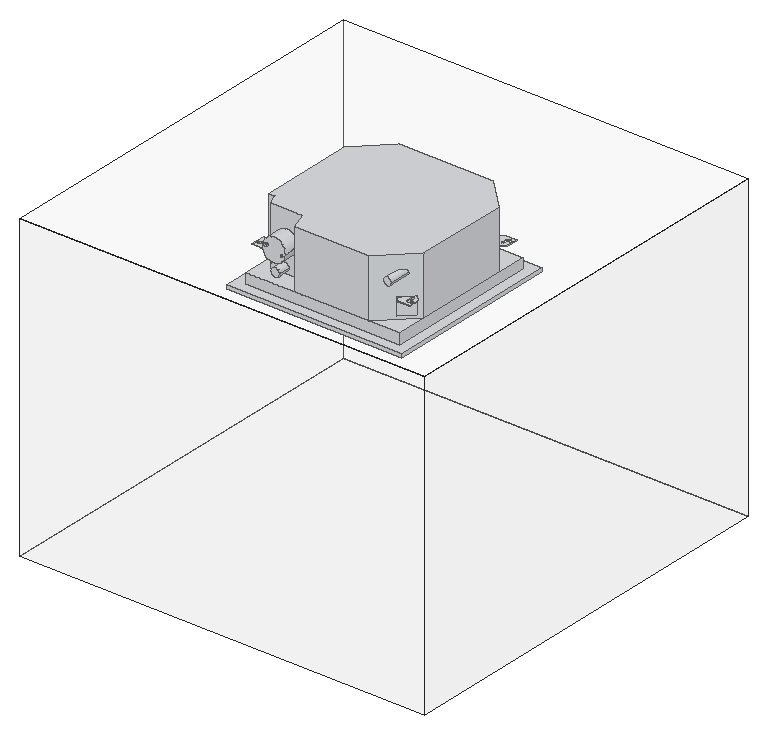
Revit family "pl-rp28_80ga4_60Hz", category 機械設備, Revit 2019
Family settings
  丸型コネクタ寸法 = 直径を使用
  パーツ タイプ = 標準
  OmniClass 番号 = 23.75.10.24.21.27.27
  OmniClass タイトル = Split System Air Conditioning Units
  作業面ベース = いいえ
  常に垂直 = はい
  ロード時にボイドで切り取り = いいえ
  共有 = いいえ
  部屋計算ポイント = はい
Parameters (values of type "天井4方向_PL-RP28GA4")
  風量（静）（m3／min） = 6.3
  風量（強）（m3／min） = 8.7
  風量（弱）（m3／min） = 7.1
  風量（中）（m3／min） = 7.8
  風量 = MAX風量  # 522.0 m³/h
  音響パワーレベル（弱）(dB) = 47
  音響パワーレベル（中2）(dB) = 48
  音響パワーレベル（中1）(dB) = 49
  音響パワーレベル(dB) = 50
  電源種別 = ""
  電源_H = 0 mm
  電圧_電気ヒーター = 0 V
  電圧 = 200 V
  電動機出力_送風機 = 0.05 kW
  運転質量 = 0.00 kg
  連動 = ""
  質量 = if(製品質量 > 運転質量, 製品質量, 運転質量) * 1.2  # 24.72 kg
  負荷分類 = 3_ファン類
  構成品番 = "PL-RP28GA"
  ドレン管径 (外径) = 32 mm
  ドレン管径 = 25 mm
  サービススペース = yes
  URL = "https://www.mitsubishielectric.co.jp/ldg/wink/ssl/displayProduct.do?pid=323647"
  説明 = "店舗・事務所用パッケージエアコン(Mr.SLIM) [本体]4方向天井カセット形<コンパクトタイプ>"
  設計暖房能力 = 0.00 kW
  設計冷房能力_顕熱 = 0 kW
  設計冷房能力 = 0 kW
  設置方法 = "カセット形"
  記号 = ""
  製造元 = "三菱電機株式会社"
  製品質量 = 20.60 kg
  製品出荷対象 = "国内"
  製品リリース年月 = "2022/10/11"
  製品グループ = ""
  系統 = ""
  符号 = "PAC-CK4"
  積算_科目 = "1 空気調和設備"
  積算_拾い区分 [instance] = ""
  相 = 1
  盤記号 = ""
  発停方法 = "付属スイッチ"
  特殊仕様 = ""
  火災停止 = ""
  消費電力_電気ヒーター = 0.00 kW
  消費電力_暖房 = 0.03 kW
  消費電力_加湿器 = 0.00 kW
  消費電力_冷房 = 0.03 kW
  消費電力 = if(消費電力_冷房 > 消費電力_暖房, 消費電力_冷房, 消費電力_暖房) + 消費電力_加湿器 + 消費電力_電気ヒーター  # 0.03 kW
  法定耐用年数 = "6"
  極数 = 1
  材質 = ""
  本体マテリアル = none
  有効加湿量 = 0
  暖房能力 = 2.80 kW
  推奨ブレーカー容量 = 0 A
  形式_加湿器 = ""
  形式 = "カセット形（4方向吹出形）"
  幹線記号 = ""
  始動方式 = "直入"
  呼称 = "パッケージ形空気調和機_室内機"
  周波数 = 60 Hz
  吊り位置Y = 507 mm
  吊り位置X = 640 mm
  吊りボルト_H = 134 mm
  台数_手元リモコン = ""
  台数_冷媒分岐ユニット = ""
  参照している仕様書等のバージョン = "公共建築工事標準仕様書（機械設備工事編）平成31年度版"
  加湿給水管径 = 0 mm
  分類コード = "50053003123030"
  分類グループ = ""
  冷房能力 = 2.5 kW
  冷媒高低圧ガス管径 = 0 mm
  冷媒管径符号 = "Ac"
  冷媒管径 = 100 mm
  冷媒液管高さ = 159 mm
  冷媒液管長さ = 71 mm
  冷媒液管径 = 6.4 mm
  冷媒ガス管高さ = 183 mm
  冷媒ガス管長さ = 76 mm
  冷媒ガス管径 = 12.7 mm
  企業コード = "108420"
  付属品_フィルター = ""
  付属品 = ""
  仕様書バージョン = "Version1.0"
  Model = ""
  パネルマテリアル = none
  ドレン管高さ = 227 mm
  コメント [instance] = ""
  ケーブル種類 = ""
  ケーブルサイズ = 0 mm
  Width = 670 mm
  Version = ""
  Uniclass2015Version = "Systems v1.9"
  Uniclass2015Title = "Split coil remote air cooled condensing units"
  Uniclass2015Code = "Pr_70_65_03_84"
  SpecificationReference = ""
  SpecificationDescription = ""
  Revision = ""
  ProductInformation = ""
  Panel Width = 760 mm
  Panel Height = 15 mm
  Panel Depth = 760 mm
  OmniClassCode = "23-33 17 13 11"
  MIN風量 = 風量（静）（m3／min） * 60.0 m³/h  # 378.0 m³/h
  MID風量2 = 風量（弱）（m3／min） * 60.0 m³/h  # 426.0 m³/h
  MID風量 = 風量（中）（m3／min） * 60.0 m³/h  # 468.0 m³/h
  MAX風量 = 風量（強）（m3／min） * 60.0 m³/h  # 522.0 m³/h
  IfcTypeProduct = ""
  IfcProduct = ""
  IfcExportType = "AIRCONDITIONINGUNIT"
  IfcExportAs = "IfcUnitaryEquipmentType"
  Height = 298 mm
  Depth = 670 mm
  価格 = 269000
  Clearance Top = 305 mm
  Clearance Right = 500 mm
  Clearance Left = 500 mm
  Clearance Front = 500 mm
  Clearance Bottom = 1000 mm
  Clearance Back = 500 mm
  Author = "三菱電機株式会社"
Types (8, lengths in mm): name | 風量（静）（m3／min） | 風量（強）（m3／min） | 風量（弱）（m3／min） | 風量（中）（m3／min） | 風量 | 音響パワーレベル（弱）(dB) | 音響パワーレベル（中2）(dB) | 音響パワーレベル（中1）(dB) | 音響パワーレベル(dB) | 構成品番 | URL | 消費電力_暖房 | 消費電力_冷房 | 消費電力 | 暖房能力 | 冷房能力 | 冷媒管径符号 | 冷媒液管長さ | 冷媒液管径 | 冷媒ガス管長さ | 冷媒ガス管径 | MIN風量 | MID風量2 | MID風量 | MAX風量 | 価格
  天井4方向_PL-RP28GA4 | 6.3 | 8.7 | 7.1 | 7.8 | 522.0 m³/h | 47 | 48 | 49 | 50 | "PL-RP28GA" | "https://www.mitsubishielectric.co.jp/ldg/wink/ssl/displayProduct.do?pid=323647" | 0.03 kW | 0.03 kW | 0.03 kW | 2.80 kW | 2.5 kW | "Ac" | 71 | 6.4 | 76 | 12.7 | 378.0 m³/h | 426.0 m³/h | 468.0 m³/h | 522.0 m³/h | 269000
  天井4方向_PL-RP40GA4 | 8.5 | 12 | 9 | 9.5 | 720.0 m³/h | 48 | 49 | 51 | 53 | "PL-RP40GA" | "https://www.mitsubishielectric.co.jp/ldg/wink/ssl/displayProduct.do?pid=323673" | 0.03 kW | 0.03 kW | 0.03 kW | 4.00 kW | 3.6 kW | "Ac" | 71 | 6.4 | 76 | 12.7 | 510.0 m³/h | 540.0 m³/h | 570.0 m³/h | 720.0 m³/h | 277000
  天井4方向_PL-RP50GA4 | 9.5 | 12.5 | 10 | 12 | 750.0 m³/h | 49 | 50 | 53 | 54 | "PL-RP50GA" | "https://www.mitsubishielectric.co.jp/ldg/wink/ssl/displayProduct.do?pid=323675" | 0.03 kW | 0.03 kW | 0.03 kW | 5.00 kW | 4.5 kW | "Ac" | 71 | 6.4 | 76 | 12.7 | 570.0 m³/h | 600.0 m³/h | 720.0 m³/h | 750.0 m³/h | 290000
  天井4方向_PL-RP45GA4 | 8.5 | 12 | 9 | 9.5 | 720.0 m³/h | 48 | 49 | 51 | 53 | "PL-RP45GA" | "https://www.mitsubishielectric.co.jp/ldg/wink/ssl/displayProduct.do?pid=323674" | 0.03 kW | 0.03 kW | 0.03 kW | 4.50 kW | 4 kW | "Ac" | 71 | 6.4 | 76 | 12.7 | 510.0 m³/h | 540.0 m³/h | 570.0 m³/h | 720.0 m³/h | 280000
  天井4方向_PL-RP56GA4 | 9.5 | 14 | 10 | 12.5 | 840.0 m³/h | 49 | 50 | 54 | 56 | "PL-RP56GA" | "https://www.mitsubishielectric.co.jp/ldg/wink/ssl/displayProduct.do?pid=323676" | 0.03 kW | 0.03 kW | 0.03 kW | 5.60 kW | 5 kW | "Ac" | 71 | 6.4 | 76 | 12.7 | 570.0 m³/h | 600.0 m³/h | 750.0 m³/h | 840.0 m³/h | 312000
  天井4方向_PL-RP63GA4 | 10 | 14.5 | 11.5 | 13 | 870.0 m³/h | 50 | 53 | 55 | 57 | "PL-RP63GA" | "https://www.mitsubishielectric.co.jp/ldg/wink/ssl/displayProduct.do?pid=323648" | 0.04 kW | 0.04 kW | 0.04 kW | 6.30 kW | 5.6 kW | "Ac" | 71 | 6.4 | 76 | 12.7 | 600.0 m³/h | 690.0 m³/h | 780.0 m³/h | 870.0 m³/h | 314000
  天井4方向_PL-RP71GA4 | 11 | 15 | 12 | 13.5 | 900.0 m³/h | 53 | 54 | 56 | 58 | "PL-RP71GA" | "https://www.mitsubishielectric.co.jp/ldg/wink/ssl/displayProduct.do?pid=323677" | 0.04 kW | 0.04 kW | 0.04 kW | 7.00 kW | 6.3 kW | "Bd" | 75 | 9.5 | 80 | 15.9 | 660.0 m³/h | 720.0 m³/h | 810.0 m³/h | 900.0 m³/h | 319000
  天井4方向_PL-RP80GA4 | 11 | 15 | 12 | 13.5 | 900.0 m³/h | 53 | 54 | 56 | 58 | "PL-RP80GA" | "https://www.mitsubishielectric.co.jp/ldg/wink/ssl/displayProduct.do?pid=323678" | 0.04 kW | 0.04 kW | 0.04 kW | 8.00 kW | 7.1 kW | "Bd" | 75 | 9.5 | 80 | 15.9 | 660.0 m³/h | 720.0 m³/h | 810.0 m³/h | 900.0 m³/h | 345000
Reference planes
  plane 1 "中心(正面/背面)": y = 0
  plane 2: z = 0
  plane 3 "中心(左/右)": x = 0
  plane 4: x = -380
  plane 5: x = 380
  plane 6: y = 380
  plane 7: y = -380
  plane 8: z = 298
  plane 9: z = 305
  plane 10: x = -320
  plane 11: x = 320
  plane 12: y = 253.5
  plane 13: y = -253.5
  plane 14: z = 46
  plane 15: y = 335
  plane 16: y = -335
  plane 17: x = -335
  plane 18: x = 335
  plane 19: x = -880
  plane 20: x = 880
  plane 21: y = 880
  plane 22: y = -880
  plane 23: z = 298
  plane 24: z = -15
  plane 25: z = -1015
  plane 26: z = 305
  plane 27 "冷媒管基準面": y = -255
  plane 28: x = -186
  plane 29: z = 159
  plane 30: y = -331
  plane 31: y = -326
Forms (mm)
  Extrusion 1, solid, detail levels fine
    sketch origin (0, -255, 15) x (1, 0, 0) y (0, 0, 1)
      loop
        circle (-186, 144) r 3.175
    from 0 to 71
  Extrusion 2, solid, detail levels fine
    sketch origin (-67, -255, 39) x (1, 0, 0) y (0, 0, 1)
      loop
        circle (-186, 144) r 6.35
    from 0 to 76
Dimensions and locks
  equal spacing: plane 4, plane 3 "中心(左/右)", plane 5
  plane 4 to plane 5 = 760 mm
  equal spacing: plane 7, plane 1 "中心(正面/背面)", plane 6
  plane 7 to plane 6 = 760 mm
  locked: plane 12 to plane 6 at 126.5
  plane 7 to plane 13 = 126.5 mm
  plane 4 to plane 10 = 60 mm
  locked: plane 11 to plane 5 at 60
  "吊り位置X": plane 10 to plane 11
  equal spacing: plane 10, plane 3 "中心(左/右)", plane 11
  equal spacing: plane 13, plane 1 "中心(正面/背面)", plane 12
  "吊り位置Y": plane 13 to plane 12
  equal spacing: plane 16, plane 1 "中心(正面/背面)", plane 15
  "Depth": plane 16 to plane 15
  equal spacing: plane 17, plane 3 "中心(左/右)", plane 18
  "Width": plane 17 to plane 18
  locked: plane 14 to level at 46
  "Clearance Left": plane 19 to plane 4
  "Clearance Right": plane 5 to plane 20
  "Clearance Back": plane 6 to plane 21
  locked: level to plane 24 at 15
  "Clearance Bottom": plane 24 to plane 25
  "Clearance Front": plane 22 to plane 7
  "Clearance Top": plane 26 to plane 2
  "Height": level to nested 3
  plane 29 to plane 2 = 159 mm
  nested 3 to level = 134 mm
  "冷媒液管長さ": plane 31 to plane 27 "冷媒管基準面"
  "冷媒ガス管長さ": plane 30 to plane 27 "冷媒管基準面"
  aligned and locked: level to plane 2
  aligned and locked: plane 10 to nested 2
  aligned and locked: plane 11 to nested 2
  aligned and locked: nested 2 to plane 12
  aligned and locked: plane 13 to nested 2
  aligned and locked: plane 19 to nested 1
  aligned and locked: plane 20 to nested 1
  aligned and locked: plane 22 to nested 1
  aligned and locked: plane 21 to nested 1
  aligned and locked: plane 25 to nested 1
  aligned and locked: plane 5 to nested 3
  aligned and locked: plane 15 to nested 3
  aligned and locked: plane 6 to nested 3
  aligned and locked: plane 7 to nested 3
  aligned and locked: plane 26 to nested 1
  aligned and locked: plane 31 to Extrusion 1
  aligned and locked: plane 30 to Extrusion 2
Automatic sketch dimensions
  Extrusion 1 sketch curve to plane 28 = 0 mm
  Extrusion 1 sketch curve to plane 29 = 0 mm
  plane 29 to Extrusion 2 sketch curve = 24 mm
  plane 10 to Extrusion 2 sketch curve = 67 mm
  radius of Extrusion 1 sketch curve = 3.175 mm
  radius of Extrusion 2 sketch curve = 6.35 mm
Nested families
  nested 1: "サービススペース" at (0, 0, -355), visible <- "サービススペース", type "サービススペース"
    with Width 1760 mm, Height 1320 mm, Depth 1760 mm
  nested 2: "固定点" at (-320, -253.5, 0), type "固定点"
    with W 640 mm, D 507 mm
  nested 3: "PL-RP○○GA3" at (0, 0, 0), type "PL-RP○○GA3"
    with ユニット表示 yes
Connectors
  piping at (-219.5, -326, 171), diameter 100, driven by "冷媒管径", driven by "冷媒管径符号"
    settings: on nested 3, index 1, connector inside diameter 609.6 mm, connector length 0 mm, flow factor 0, pipe flow 0.0 L/s, pressure drop 0.0 Pa, fitting loss kfactor 0, connector angle 0.00°, fixture units 0, engagement length 0 mm, angle of deflection 0.00°, flow configuration 1, flow direction 1, fitting loss method 4, system type 7, joint type 0, gender type 0, connector reference index -1, connector utility 0, adjustable connector no, is connector primary yes, connector description "Ac"
  piping at (281, -332, 227), diameter 25, driven by "ドレン管径"
    settings: on nested 3, index 2, connector inside diameter 609.6 mm, connector length 0 mm, flow factor 0, pipe flow 0.0 L/s, pressure drop 0.0 Pa, fitting loss kfactor 0, connector angle 0.00°, fixture units 0, engagement length 0 mm, angle of deflection 0.00°, flow configuration 1, flow direction 2, fitting loss method 4, system type 16, joint type 0, gender type 0, connector reference index -1, connector utility 0, adjustable connector no, is connector primary no, connector description ""
  electrical at (-230, -305, 70), driven by "極数", driven by "負荷分類", driven by "電圧", driven by "消費電力"
    settings: on nested 3, index 3, voltage 200 V, apparent load 30 VA, apparent load phase1 0 VA, apparent load phase2 0 VA, apparent load phase3 0 VA, power factor 1, load classification "3_ファン類", number of poles 1, system type 30, power factor state 1, is connector primary yes, connector utility no, sub classification motor no, connector description ""
Definition of nested family "サービススペース"
  Parameters (values of type "サービススペース")
    Width [instance] = 500 mm
    Height [instance] = 500 mm
    Depth [instance] = 500 mm
  Reference planes
    plane 1 "中心(正面/背面)": y = 0
    plane 2: z = 0
    plane 3 "中心(左/右)": x = 0
    plane 4: y = -250
    plane 5: x = 250
    plane 6: y = 250
    plane 7: x = -250
    plane 8: z = 250
    plane 9: z = -250
  Forms (mm)
    Extrusion 1, solid
      sketch origin (-638.939, 0, 72.39) x (1, 0, 0) y (0, 1, 0)
        loop
          line (388.939, 250) -> (388.939, -250) -> (888.939, -250) -> (888.939, 250) -> (388.939, 250)
      from -322.39 to 177.61
  Lines and regions (mm)
    symbolic lines
      curve 1: line (-250, 0, 250) -> (250, 0, 250)
      curve 2: line (-250, 0, -250) -> (-250, 0, 250)
      curve 3: line (250, 0, -250) -> (-250, 0, -250)
      curve 4: line (250, 0, 250) -> (250, 0, -250)
      curve 5: line (0, -250, 250) -> (0, 250, 250)
      curve 6: line (0, -250, -250) -> (0, -250, 250)
      curve 7: line (0, 250, -250) -> (0, -250, -250)
      curve 8: line (0, 250, 250) -> (0, 250, -250)
      curve 9: line (-250, 250, 0) -> (250, 250, 0)
      curve 10: line (-250, -250, 0) -> (-250, 250, 0)
      curve 11: line (250, -250, 0) -> (-250, -250, 0)
      curve 12: line (250, 250, 0) -> (250, -250, 0)
  Dimensions and locks
    equal spacing: plane 7, plane 3 "中心(左/右)", plane 5
    equal spacing: plane 4, plane 1 "中心(正面/背面)", plane 6
    "Depth": plane 4 to plane 6
    "Width": plane 7 to plane 5
    equal spacing: plane 8, plane 2, plane 9
    "Height": plane 8 to plane 9
    aligned and locked: plane 9 to curve 3
    aligned and locked: plane 7 to curve 2
    aligned and locked: curve 4 to plane 5
    aligned and locked: plane 5 to Extrusion 1
    aligned and locked: Extrusion 1 to plane 7
    aligned and locked: Extrusion 1 to plane 9
    aligned and locked: plane 8 to Extrusion 1
    aligned and locked: plane 9 to curve 7
  Automatic sketch dimensions
    plane 4 to Extrusion 1 sketch curve = 0 mm
    Extrusion 1 sketch curve to plane 7 = 0 mm
    Extrusion 1 sketch curve to plane 5 = 0 mm
    plane 6 to Extrusion 1 sketch curve = 0 mm
    curve 2 to plane 8 = 0 mm
    plane 4 to curve 11 = 0 mm
    curve 11 to plane 7 = 0 mm
    curve 11 to plane 5 = 0 mm
    plane 6 to curve 10 = 0 mm
    curve 7 to plane 4 = 0 mm
    curve 7 to plane 6 = 0 mm
    curve 6 to plane 8 = 0 mm
Definition of nested family "PL-RP○○GA3"
  Parameters (values of type "PL-RP○○GA3")
    配線取出口サイズ = 36 mm
    配線取出口-Z = 70 mm
    配線取出口-Y = 50 mm
    配線取出口-X = 230 mm
    液配管サイズ = 6.4 mm
    A = 幅さ + 90 mm  # 760 mm
    高さ = 298 mm
    奥行き = 670 mm
    吊りボルト_H = 134 mm
    冷媒配管 = 100 mm
    冷媒液管径-Z = 159 mm
    冷媒液管径-Y = 71 mm
    冷媒液管径-X = 186 mm
    冷媒ガス管径-Z = 183 mm
    冷媒ガス管径-Y = 76 mm
    冷媒ガス管径-X = 253 mm
    ユニット表示 [instance] = yes
    ボルトピッチ = 507 mm
    ドレン配管サイズ = 32 mm
    ドレン管径-Z = 227 mm
    ドレン管径-Y = 77 mm
    ドレン管径-X = 281 mm
    ガス配管サイズ = 12.7 mm
    D = 幅さ - 30 mm  # 640 mm
    幅さ = 670 mm
    B = 幅さ + 40 mm  # 710 mm
  Reference planes
    plane 1 "中心(正面/背面)": y = 0
    plane 2: z = 0
    plane 3 "中心(左/右)": x = 0
    plane 4: x = -355
    plane 5: x = 355
    plane 6: x = -335
    plane 7: x = 335
    plane 8: x = -320
    plane 9: x = 320
    plane 10: y = 253.5
    plane 11: y = -253.5
    plane 12: y = 335
    plane 13: y = -335
    plane 14: x = -380
    plane 15: x = 380
    plane 16: z = -15
    plane 17: z = 46
    plane 18: z = 298
    plane 19: z = 134
    plane 20: z = 136
    plane 21: z = 227
    plane 22: z = 159
    plane 23: z = 183
    plane 24: z = 60
    plane 25: y = 380
    plane 26: y = -380
    plane 27: x = -253
    plane 28: x = -150
    plane 29: x = -123
    plane 30: x = -186
    plane 31: x = 281
    plane 32: x = 202
    plane 33: y = -255
    plane 34: y = -207
    plane 35: y = -331
    plane 36: y = -326
    plane 37 "ドレン管接続口": y = -332
    plane 38: y = -202
    plane 39: y = 291.5
    plane 40: y = 275.5
    plane 41: y = 263.5
    plane 42: x = -326
    plane 43: x = -314
    plane 44: x = -343
    plane 45: x = 314
    plane 46: x = 326
    plane 47: x = 343
    plane 48: y = -291.5
    plane 49: y = -275.5
    plane 50: y = -263.5
    plane 51: x = -230
    plane 52: y = 202
    plane 53: x = -202
    plane 54: z = 70
    plane 55: y = -305
  Forms (mm)
    Extrusion 1, solid, visible <- "ユニット表示"
      sketch origin (0, 0, 0) x (1, 0, 0) y (0, 1, 0)
        loop
          line (-380, 380) -> (-380, -380) -> (380, -380) -> (380, 380) -> (-380, 380)
      from -15 to 0
    Extrusion 2, solid, visible <- "ユニット表示", detail levels fine
      sketch origin (0, 0, 0) x (1, 0, 0) y (0, 1, 0)
        loop
          line (-203.39, 335) -> (-335, 203.39) -> (-335, -207) -> (-309.258, -207) -> (-288.883, -255) -> (-150, -255) -> (-123.033, -335) -> (202, -335) -> (335, -202) -> (335, 203.39) -> (203.39, 335) -> (-203.39, 335)
      from 46 to 298
    Extrusion 3, solid, visible <- "ユニット表示", detail levels fine
      sketch origin (0, 0, 0) x (1, 0, 0) y (0, 1, 0)
        loop
          line (335, 335) -> (-335, 335) -> (-335, -335) -> (335, -335) -> (335, 335)
      from 0 to 46
    Extrusion 4, solid, visible <- "ユニット表示", detail levels fine
      sketch origin (0, 0, 0) x (1, 0, 0) y (0, 0, 1)
        loop
          circle (-219.5, 171) r 50
      from 255 to 326
    Extrusion 5, solid, visible <- "ユニット表示", detail levels fine
      sketch origin (0, 0, 0) x (1, 0, 0) y (0, 1, 0)
        loop
          line (-343, -291.5) -> (-300.314, -291.5) -> (-290.686, -250.751) -> (-306.998, -212.324) -> (-343, -227.606) -> (-343, -263.5) -> (-329, -263.5)
          arc (-329, -263.5) -> (-326.879, -262.621) -> (-326, -260.5) r 3
          line (-326, -260.5) -> (-326, -249.5)
          arc (-326, -249.5) -> (-320, -243.5) -> (-314, -249.5) r 6
          line (-314, -249.5) -> (-314, -269.478)
          arc (-314, -269.478) -> (-315.757, -273.721) -> (-320, -275.5) r 6
          line (-320, -275.5) -> (-343, -275.5) -> (-343, -291.5)
        loop
          line (-343, 275.5) -> (-320, 275.5)
          arc (-320, 275.5) -> (-315.757, 273.743) -> (-314, 269.5) r 6
          line (-314, 269.5) -> (-314, 249.5)
          arc (-314, 249.5) -> (-320, 243.5) -> (-326, 249.5) r 6
          line (-326, 249.5) -> (-326, 260.5)
          arc (-326, 260.5) -> (-326.879, 262.621) -> (-329, 263.5) r 3
          line (-329, 263.5) -> (-343, 263.5) -> (-343, 244.959) -> (-318.215, 220.175) -> (-270.214, 268.176) -> (-293.539, 291.5) -> (-343, 291.5) -> (-343, 275.5)
        loop
          line (343, 291.5) -> (293.539, 291.5) -> (270.214, 268.176) -> (318.215, 220.175) -> (343, 244.959) -> (343, 263.5) -> (329, 263.5)
          arc (329, 263.5) -> (326.879, 262.621) -> (326, 260.5) r 3
          line (326, 260.5) -> (326, 249.5)
          arc (326, 249.5) -> (320, 243.5) -> (314, 249.5) r 6
          line (314, 249.5) -> (314, 269.5)
          arc (314, 269.5) -> (315.757, 273.743) -> (320, 275.5) r 6
          line (320, 275.5) -> (343, 275.5) -> (343, 291.5)
        loop
          line (293.539, -291.5) -> (343, -291.5) -> (343, -275.5) -> (320, -275.5)
          arc (320, -275.5) -> (315.757, -273.743) -> (314, -269.5) r 6
          line (314, -269.5) -> (314, -249.5)
          arc (314, -249.5) -> (320, -243.5) -> (326, -249.5) r 6
          line (326, -249.5) -> (326, -260.5)
          arc (326, -260.5) -> (326.879, -262.621) -> (329, -263.5) r 3
          line (329, -263.5) -> (343, -263.5) -> (343, -244.959) -> (317.52, -219.48) -> (269.519, -267.481) -> (293.539, -291.5)
      from 134 to 136
    Extrusion 6, solid, visible <- "ユニット表示", detail levels fine
      sketch origin (0, 0, 0) x (1, 0, 0) y (0, 1, 0)
        loop
          line (-306.998, -212.324) -> (-308.839, -213.105) -> (-291.463, -254.04) -> (-289.622, -253.258) -> (-306.998, -212.324)
        loop
          line (-271.629, 269.59) -> (-319.63, 221.589) -> (-318.245, 220.204) -> (-270.244, 268.205) -> (-271.629, 269.59)
        loop
          line (271.629, 269.59) -> (270.244, 268.205) -> (318.245, 220.204) -> (319.63, 221.589) -> (271.629, 269.59)
        loop
          line (270.934, -268.895) -> (318.935, -220.894) -> (317.52, -219.48) -> (269.519, -267.481) -> (270.934, -268.895)
      from 60 to 136
    Extrusion 7, solid, visible <- "ユニット表示", detail levels fine
      sketch origin (0, 0, 0) x (1, 0, 0) y (0, 0, 1)
        loop
          circle (-230, 70) r 18
      from 255 to 305
    Extrusion 8, solid, detail levels fine
      sketch origin (0, -332, 0) x (-1, 0, 0) y (0, 0, 1)
        loop
          circle (-281, 227) r 16
      from 0 to 100
  Cuts and joins
    joined: Extrusion 5, Extrusion 6
  Dimensions and locks
    equal spacing: plane 4, plane 3 "中心(左/右)", plane 5
    "B": plane 4 to plane 5
    equal spacing: plane 6, plane 3 "中心(左/右)", plane 7
    "幅さ": plane 6 to plane 7
    equal spacing: plane 8, plane 3 "中心(左/右)", plane 9
    "D": plane 8 to plane 9
    equal spacing: plane 11, plane 1 "中心(正面/背面)", plane 10
    "ボルトピッチ": plane 10 to plane 11
    equal spacing: plane 12, plane 1 "中心(正面/背面)", plane 13
    "奥行き": plane 12 to plane 13
    "A": plane 14 to plane 15
    equal spacing: plane 14, plane 3 "中心(左/右)", plane 15
    locked: plane 2 to plane 16 at 15
    locked: plane 17 to plane 2 at 46
    "吊りボルト_H": plane 19 to level
    locked: plane 20 to plane 19 at 2
    "ドレン管径-Z": plane 21 to level
    "冷媒液管径-Z": plane 22 to level
    "冷媒ガス管径-Z": plane 23 to level
    plane 24 to level = 60 mm
    equal spacing: plane 25, plane 1 "中心(正面/背面)", plane 26
    "A": plane 25 to plane 26
    locked: plane 6 to plane 28 at 185
    locked: plane 6 to plane 29 at 212
    locked: plane 32 to plane 7 at 133
    "冷媒ガス管径-X": plane 27 to plane 3 "中心(左/右)"
    "冷媒液管径-X": plane 30 to plane 3 "中心(左/右)"
    "ドレン管径-X": plane 3 "中心(左/右)" to plane 31
    locked: plane 33 to plane 13 at 80
    locked: plane 34 to plane 13 at 128
    "冷媒ガス管径-Y": plane 33 to plane 35
    "冷媒液管径-Y": plane 33 to plane 36
    "ドレン管径-Y": plane 33 to plane 37 "ドレン管接続口"
    locked: plane 38 to plane 13 at 133
    equal spacing: plane 30, Extrusion 4 sketch curve, plane 27
    equal spacing: plane 23, Extrusion 4 sketch curve, plane 22
    locked: plane 44 to plane 8 at 23
    plane 42 to plane 8 to plane 43 = 6 mm locked, 6 mm locked
    locked: plane 9 to plane 47 at 23
    plane 45 to plane 9 to plane 46 = 6 mm locked, 6 mm locked
    plane 11 to plane 50 to plane 49 to plane 48 = 10 mm locked, 12 mm locked, 16 mm locked
    plane 39 to plane 40 to plane 41 to plane 10 = 16 mm locked, 12 mm locked, 10 mm locked
    locked: Extrusion 5 sketch curve to plane 11 at 4  (x2)
    locked: plane 10 to Extrusion 5 sketch curve at 4  (x2)
    "配線取出口-X": plane 51 to plane 3 "中心(左/右)"
    "配線取出口-Z": plane 54 to level
    "配線取出口-Y": plane 33 to plane 55
    locked: cut or joined group of Extrusion 5, Extrusion 6 to Extrusion 6 sketch curve at 2
    locked: Extrusion 6 sketch curve to Extrusion 2 at 2  (x3)
    "高さ": plane 18 to level
    "冷媒配管": diameter of Extrusion 4 sketch curve
    radius of Extrusion 5 sketch curve = 6 mm  (x8)
    radius of Extrusion 5 sketch curve = 3 mm  (x4)
    "配線取出口サイズ": diameter of Extrusion 7 sketch curve
    aligned and locked: level to plane 2
    aligned and locked: Extrusion 1 sketch curve to plane 25
    aligned and locked: plane 14 to Extrusion 1 sketch curve
    aligned and locked: plane 26 to Extrusion 1 sketch curve
    aligned and locked: Extrusion 1 sketch curve to plane 15
    aligned and locked: level to Extrusion 1
    aligned and locked: Extrusion 1 to plane 16
    aligned and locked: plane 18 to Extrusion 2
    aligned and locked: Extrusion 2 to plane 17
    aligned and locked: Extrusion 3 sketch curve to plane 7
    aligned and locked: Extrusion 3 sketch curve to plane 13
    aligned and locked: Extrusion 3 sketch curve to plane 6
    aligned and locked: Extrusion 3 sketch curve to plane 12
    aligned and locked: Extrusion 3 to level
    aligned and locked: plane 17 to Extrusion 3
    aligned and locked: plane 28 to Extrusion 2 sketch curve
    aligned and locked: plane 34 to Extrusion 2 sketch curve
    aligned and locked: Extrusion 2 sketch curve to plane 13
    aligned and locked: Extrusion 2 sketch curve to plane 7
    aligned and locked: Extrusion 2 sketch curve to plane 12
    aligned and locked: Extrusion 2 sketch curve to plane 6
    aligned and locked: plane 7 to Extrusion 2 sketch curve
    aligned and locked: plane 38 to Extrusion 2 sketch curve
    aligned and locked: plane 32 to Extrusion 2 sketch curve
    aligned and locked: plane 13 to Extrusion 2 sketch curve
    aligned and locked: plane 44 to Extrusion 5 sketch curve  (x2)
    aligned and locked: Extrusion 5 sketch curve to plane 50
    aligned and locked: plane 49 to Extrusion 5 sketch curve
    aligned and locked: Extrusion 5 sketch curve to plane 48
    aligned and locked: plane 43 to Extrusion 5 sketch curve
    aligned and locked: plane 42 to Extrusion 5 sketch curve  (x2)
    aligned and locked: Extrusion 6 to plane 24
    aligned and locked: plane 20 to Extrusion 6
    aligned and locked: plane 39 to Extrusion 5 sketch curve  (x2)
    aligned and locked: Extrusion 5 sketch curve to plane 44  (x2)
    aligned and locked: plane 41 to Extrusion 5 sketch curve  (x2)
    aligned and locked: Extrusion 5 sketch curve to plane 40  (x2)
    aligned and locked: Extrusion 5 sketch curve to plane 43
    aligned and locked: Extrusion 5 sketch curve to Extrusion 2  (x3)
    aligned and locked: plane 47 to Extrusion 5 sketch curve  (x4)
    aligned and locked: plane 45 to Extrusion 5 sketch curve  (x2)
    aligned and locked: Extrusion 5 sketch curve to plane 46  (x2)
    aligned and locked: plane 50 to Extrusion 5 sketch curve
    aligned and locked: plane 48 to Extrusion 5 sketch curve
    aligned and locked: Extrusion 5 sketch curve to plane 49
    aligned and locked: plane 51 to Extrusion 7 sketch curve
    aligned and locked: plane 54 to Extrusion 7 sketch curve
    aligned and locked: Extrusion 7 to Extrusion 2
    aligned and locked: plane 55 to Extrusion 7
    aligned and locked: cut or joined group of Extrusion 5, Extrusion 6 to cut or joined group of Extrusion 5, Extrusion 6  (x2)
    aligned and locked: Extrusion 6 sketch curve to cut or joined group of Extrusion 5, Extrusion 6  (x3)
    aligned and locked: cut or joined group of Extrusion 5, Extrusion 6 to Extrusion 6 sketch curve  (x2)
    aligned and locked: Extrusion 2 to Extrusion 6 sketch curve
    aligned and locked: cut or joined group of Extrusion 5, Extrusion 6 to plane 19
    aligned and locked: plane 20 to cut or joined group of Extrusion 5, Extrusion 6
    aligned and locked: Extrusion 4 to plane 36
  Automatic sketch dimensions
    Extrusion 2 sketch curve to plane 33 = 0 mm
    plane 43 to Extrusion 2 sketch curve = 4.742 mm
    plane 43 to Extrusion 2 sketch curve = 25.117 mm
    Extrusion 2 sketch curve to plane 30 = 17.39 mm
    Extrusion 2 sketch curve to plane 29 = 0.033 mm
    plane 32 to Extrusion 2 sketch curve = 1.39 mm
    Extrusion 2 sketch curve to plane 10 = 50.11 mm  (x2)
    Extrusion 5 sketch curve to plane 8 = 0 mm
    Extrusion 5 sketch curve to plane 8 = 13.002 mm
    Extrusion 5 sketch curve to plane 43 = 13.686 mm
    plane 50 to Extrusion 5 sketch curve = 12.749 mm
    Extrusion 5 sketch curve to Extrusion 5 sketch curve = 9.627 mm
    Extrusion 5 sketch curve to plane 50 = 5.978 mm
    plane 34 to Extrusion 5 sketch curve = 20.606 mm
    plane 8 to Extrusion 6 sketch curve = 1.755 mm
    Extrusion 6 sketch curve to plane 11 = 0.54 mm
    Extrusion 6 sketch curve to Extrusion 6 sketch curve = 1.385 mm
    Extrusion 6 sketch curve to plane 49 = 6.605 mm
    Extrusion 6 sketch curve to plane 9 = 2.48 mm
    Extrusion 6 sketch curve to Extrusion 6 sketch curve = 1.414 mm
    Extrusion 5 sketch curve to plane 8 = 1.785 mm
    Extrusion 5 sketch curve to plane 41 = 4.676 mm  (x2)
    plane 9 to Extrusion 5 sketch curve = 1.785 mm
    Extrusion 5 sketch curve to plane 50 = 3.981 mm
    plane 9 to Extrusion 5 sketch curve = 2.48 mm
    Extrusion 8 sketch curve to plane 21 = 0 mm
    Extrusion 8 sketch curve to plane 31 = 0 mm
    radius of Extrusion 8 sketch curve = 16 mm
Definition of nested family "固定点"
  Parameters (values of type "固定点")
    中心円 = 20 mm
    W [instance] = 1000 mm
    D [instance] = 1000 mm
  Reference planes
    plane 1 "中心(正面/背面)": y = 0
    plane 2: z = 0
    plane 3 "中心(左/右)": x = 0
    plane 4: x = 1000
    plane 5: y = 1000
  Lines and regions (mm)
    symbolic lines, detail levels fine
      curve 1: circle (0, 1000, 0) r 10 normal (0, 0, 1)
      curve 2: circle (0, 0, 0) r 10 normal (0, 0, 1)
      curve 3: circle (1000, 1000, 0) r 10 normal (0, 0, 1)
      curve 4: circle (1000, 0, 0) r 10 normal (0, 0, 1)
      curve 5: line (-200, 1000, 0) -> (1200, 1000, 0)
      curve 6: line (-200, 0, 0) -> (1200, 0, 0)
      curve 7: line (0, 1200, 0) -> (0, -200, 0)
      curve 8: line (1000, 1200, 0) -> (1000, -200, 0)
  Dimensions and locks
    "W": plane 3 "中心(左/右)" to plane 4
    "D": plane 1 "中心(正面/背面)" to plane 5
    "中心円": diameter of curve 1
    "中心円": diameter of curve 2
    "中心円": diameter of curve 3
    "中心円": diameter of curve 4
    aligned and locked: level to plane 2
    aligned and locked: plane 5 to curve 1
    aligned and locked: plane 3 "中心(左/右)" to curve 1
    aligned and locked: plane 3 "中心(左/右)" to curve 2
    aligned and locked: plane 1 "中心(正面/背面)" to curve 2
    aligned and locked: plane 4 to curve 3
    aligned and locked: plane 5 to curve 3
    aligned and locked: plane 1 "中心(正面/背面)" to curve 4
    aligned and locked: plane 4 to curve 4
    aligned and locked: plane 1 "中心(正面/背面)" to curve 6
    aligned and locked: curve 7 to plane 3 "中心(左/右)"
    aligned and locked: curve 8 to plane 4
  Automatic sketch dimensions
    curve 5 to plane 5 = 0 mm
    curve 6 to plane 3 "中心(左/右)" = 200 mm
    curve 5 to plane 3 "中心(左/右)" = 200 mm
    curve 4 to curve 6 = 200 mm
    curve 3 to curve 5 = 200 mm
    plane 1 "中心(正面/背面)" to curve 8 = 200 mm
    plane 1 "中心(正面/背面)" to curve 7 = 200 mm
    curve 3 to curve 8 = 200 mm
    curve 1 to curve 7 = 200 mm
